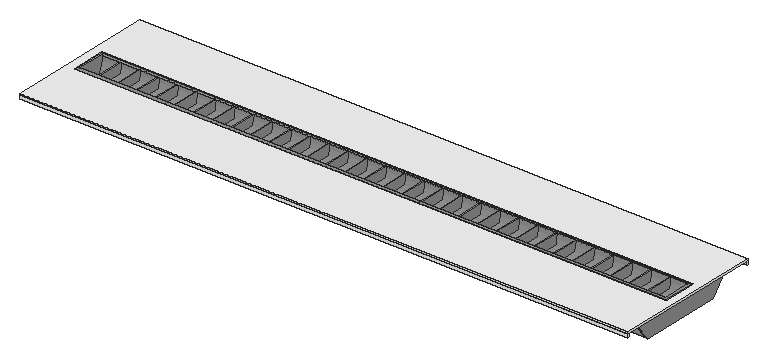
Revit family "0052233 Lighting Fixture_Sylvania_Rana LED 300x1200-Emergency 3hr-4000K_Ceiling Recessed", category Lighting Fixtures, host Face, Revit 2015
Parameters (values of type "RANA LED 1200 CM+P 1*LH E3 4K")
  Width = 294.0 mm
  Weight = 5.00 kg
  Wattage = 3.72826 W
  built-in parameter 1150110 = 1 (stored number, unit not read)
  Voltage Comments = "UNV (Universal Voltage; 220-240 Volt)"  # constant formula
  Voltage = 230 V  # constant formula
  URL = "http://www.feilosylvania.com/"
  built-in parameter 1114217 = 1 (stored number, unit not read)
  Tilt Angle = -90.00°
  built-in parameter 1150109 = 1 (stored number, unit not read)
  built-in parameter 1150134 = 12
  Ta Rating = "25°C"  # constant formula
  built-in parameter 1150113 = 1 (stored number, unit not read)
  Reflector Material = Steel_Sylvania_RanaLED_Silver
  Product Page URL = "http://www.feilosylvania.com/product/en-int/products/0052233"
  Product Family = "Rana LED 300x1200-Emergency 3hr-4000K Lamp"  # constant formula
  Photometry Comments = ""
  Photometric Web File = "0052233_RANALED1200CM+P1LHE34K-186226.ies"
  Louver Length = Length - 34.0 mm  # 1162.0 mm
  Life = "50 000h"  # constant formula
  Length = 1196.0 mm
  IP Rating = "20"  # constant formula
  IK Rating = "07"  # constant formula
  Height = 46.0 mm
  Energy Class = "A++, A+, A"  # constant formula
  built-in parameter 1114216 [instance] = 1 (stored number, unit not read)
  Model = "RANA LED 1200 CM+P 1*LH E3 4K"
  Manufacturer = "Feilo Sylvania"  # constant formula
  built-in parameter 1150105 = 193.46 (stored number, unit not read)
  Lumens = 343 lm
  built-in parameter 1150115 = 1 (stored number, unit not read)
  built-in parameter 1150137 = (empty or 0)
  built-in parameter 1150139 = (empty or 0)
  built-in parameter 1150112 = 1 (stored number, unit not read)
  built-in parameter 1150114 = 1 (stored number, unit not read)
  Lamp = "Integrated LED"  # constant formula
  built-in parameter 1150132 = 2
  built-in parameter 1150102 = (empty or 0)
  built-in parameter 1150107 = 4000 (stored number, unit not read)
  built-in parameter 1150138 = (empty or 0)
  built-in parameter 1150106 = 1.9346 (stored number, unit not read)
  Body Material = Aluminum_Sylvania_RanaLED_Silver
  Emit from Rectangle Width = 65.0 mm  # constant formula
  Emit from Rectangle Length = Louver Length  # 1162.0 mm
  Emit Shape Visible in Rendering = no
  built-in parameter 1150104 = 8.5471 (stored number, unit not read)
  Dimming Lamp Color Temperature Shift = <None>
  Description = "Provides perfect uniform light distribution greatly enhancing the lit space. Low profile for ease of installation in restricted ceiling voids. Two stage optic for optimum comfort and efficiency. UGR19 office compliant. Enclosed design reduces dust ingress and improves Lumen Maintenance Factor (LMF). 32W - 69W LED recessed luminaire. Rana LED is perfect for office lighting applications, schools, airports and general lighting applications. Available with a satin optic and micro prism diffuser. Available in recessed (600x600, 625x625, 312.5x1250 and 1200x300). Rana LED delivers high efficiency up to 6,050lm (luminaire lumen output on 4,000K version), equating to 101lm/W (total system efficiency). Available in warm white (3,000K) and neutral white (4,000K). Integrated LED solution that has the same aesthetics as a T5 or T8 diffuse luminaire. Energy efficient electronic gear including DALI and 3 hour emergency versions as standard. Long lifetime: 50,000 hours life at 70% of the original output L70. Less maintenance is required due to the long lifetime of 50,000hrs. Energy Class: A++, A+, A. LED technology provides an energy efficient solution with reduced maintenance costs. Comes complete with safety cable"  # constant formula
  Default Elevation = 0.0 mm
  Color Filter = 16777215
  Catalog Number = "0052233 RANA LED 1200 CM+P 1*LH E3 4K"
  built-in parameter 1140040 [instance] = 1
  built-in parameter 1114218 = 1 (stored number, unit not read)
  built-in parameter 1150133 = 10 (stored number, unit not read)
  Assembly Code = "D5020200"
  Apparent Load Comments = ""
  Apparent Load = 37 VA
  Accessory Material = Aluminum_Sylvania_RanaLED_White
Reference planes
  plane 1 "Center (Front/Back)": y = 0
  plane 2 "Fixture Bottom": z = 0
  plane 3 "Center (Left/Right)": x = 0
  plane 4 "Fixture Left": x = -598
  plane 5 "Fixture Right": x = 598
  plane 6 "Fixture Back": y = 147
  plane 7 "Fixture Front": y = -147
  plane 8: z = -3
  plane 9: y = 145
  plane 10: y = -145
  plane 11: x = -583
  plane 12: x = 583
  plane 13: x = -581
  plane 14: x = 581
  plane 15: z = -10
  plane 16 "Fixture Top": z = -46
  plane 17: z = -28
  plane 18: z = -44
  plane 19: y = 80
  plane 20: y = -80
  plane 21: y = 110
  plane 22: y = -110
  plane 23: y = 78
  plane 24: y = -78
  plane 25: y = 32.5
  plane 26: y = -32.5
Forms (mm)
  Extrusion 1, void
    sketch origin (0, 0, 60) x (-1, 0, 0) y (0, -1, 0)
      loop
        line (598, -147) -> (598, 147) -> (-598, 147) -> (-598, -147) -> (598, -147)
    from -564.935 to 250
  Extrusion 2, solid, material "Aluminum_Sylvania_RanaLED_White" <- "Accessory Material", detail levels fine
    sketch origin (0, 0, 60) x (-1, 0, 0) y (0, -1, 0)
      loop
        line (598, -147) -> (598, 147) -> (-598, 147) -> (-598, -147) -> (598, -147)
      loop
        line (581, -32.5) -> (581, 32.5) -> (-581, 32.5) -> (-581, -32.5) -> (581, -32.5)
    from -63 to -60
  Extrusion 3, solid, material "Aluminum_Sylvania_RanaLED_Silver" <- "Body Material"
    sketch origin (-345, 0, 0) x (0, 1, 0) y (0, 0, 1)
      loop
        line (110, -3) -> (-110, -3) -> (-110, -10) -> (-80, -46) -> (80, -46) -> (110, -10) -> (110, -3)
    from -238 to -236
  Extrusion 4, solid, material "Aluminum_Sylvania_RanaLED_White" <- "Accessory Material"
    sketch origin (0, 0, 60) x (-1, 0, 0) y (0, -1, 0)
      loop
        line (598, -147) -> (598, -145) -> (-598, -145) -> (-598, -147) -> (598, -147)
      loop
        line (-598, 145) -> (598, 145) -> (598, 147) -> (-598, 147) -> (-598, 145)
    from -70 to -63
  Extrusion 5, solid, material "Aluminum_Sylvania_RanaLED_Silver" <- "Body Material", detail levels fine
    sketch origin (0, 0, 0) x (0, 1, 0) y (0, 0, 1)
      loop
        line (80, -3) -> (78, -3) -> (78, -44) -> (-78, -44) -> (-78, -3) -> (-80, -3) -> (-80, -46) -> (80, -46) -> (80, -3)
    from -581 to 581
  Extrusion 6, solid, material "Aluminum_Sylvania_RanaLED_White" <- "Accessory Material", detail levels coarse+medium
    sketch origin (0, 0, 60) x (-1, 0, 0) y (0, -1, 0)
      loop
        line (598, -147) -> (598, 147) -> (-598, 147) -> (-598, -147) -> (598, -147)
    from -63 to -60
  Extrusion 7, solid, material "Aluminum_Sylvania_RanaLED_Silver" <- "Body Material"
    sketch origin (135, 0, 0) x (0, 1, 0) y (0, 0, 1)
      loop
        line (110, -3) -> (-110, -3) -> (-110, -10) -> (-80, -46) -> (80, -46) -> (110, -10) -> (110, -3)
    from 446 to 448
  Extrusion 8, solid, detail levels coarse+medium
    sketch origin (0, 0, 0) x (0, 1, 0) y (0, 0, 1)
      loop
        line (80, -3) -> (-80, -3) -> (-80, -46) -> (80, -46) -> (80, -3)
    from -581 to 581
Dimensions and locks
  equal spacing: plane 4 "Fixture Left", plane 3 "Center (Left/Right)", plane 5 "Fixture Right"
  "Length": plane 4 "Fixture Left" to plane 5 "Fixture Right"
  equal spacing: plane 6 "Fixture Back", plane 1 "Center (Front/Back)", plane 7 "Fixture Front"
  "Width": plane 6 "Fixture Back" to plane 7 "Fixture Front"
  locked: plane 6 "Fixture Back" to plane 9 at 2
  locked: plane 7 "Fixture Front" to plane 10 at 2
  locked: plane 4 "Fixture Left" to plane 11 at 15
  locked: plane 12 to plane 5 "Fixture Right" at 15
  locked: plane 11 to plane 13 at 2
  locked: plane 14 to plane 12 at 2
  "Height": plane 2 "Fixture Bottom" to plane 16 "Fixture Top"
  plane 2 "Fixture Bottom" to plane 17 = 28.0 mm
  plane 2 "Fixture Bottom" to plane 8 = 3.0 mm
  plane 2 "Fixture Bottom" to plane 15 = 10.0 mm
  locked: plane 18 to plane 16 "Fixture Top" at 2
  plane 13 to plane 14 = 1162.0 mm
  locked: plane 6 "Fixture Back" to plane 21 at 37
  locked: plane 22 to plane 7 "Fixture Front" at 37
  locked: plane 19 to plane 1 "Center (Front/Back)" at 80
  locked: plane 20 to plane 1 "Center (Front/Back)" at 80
  locked: plane 1 "Center (Front/Back)" to plane 25 at 32.5
  locked: plane 26 to plane 1 "Center (Front/Back)" at 32.5
  locked: plane 19 to plane 23 at 2
  locked: plane 20 to plane 24 at 2
  aligned and locked: plane 2 "Fixture Bottom" to host face
  aligned and locked: level to host face
  aligned and locked: Extrusion 1 sketch curve to plane 6 "Fixture Back"
  aligned and locked: plane 4 "Fixture Left" to Extrusion 1 sketch curve
  aligned and locked: Extrusion 1 sketch curve to plane 7 "Fixture Front"
  aligned and locked: plane 5 "Fixture Right" to Extrusion 1 sketch curve
  aligned and locked: plane 5 "Fixture Right" to Extrusion 2 sketch curve
  aligned and locked: Extrusion 2 sketch curve to plane 7 "Fixture Front"
  aligned and locked: plane 4 "Fixture Left" to Extrusion 2 sketch curve
  aligned and locked: Extrusion 2 sketch curve to plane 6 "Fixture Back"
  aligned and locked: plane 2 "Fixture Bottom" to Extrusion 2
  aligned and locked: Extrusion 2 to plane 8
  aligned and locked: Extrusion 3 to plane 11
  aligned and locked: plane 13 to Extrusion 3
  aligned and locked: Extrusion 4 sketch curve to plane 6 "Fixture Back"
  aligned and locked: plane 9 to Extrusion 4 sketch curve
  aligned and locked: plane 10 to Extrusion 4 sketch curve
  aligned and locked: Extrusion 5 sketch curve to plane 16 "Fixture Top"
  aligned and locked: Extrusion 5 sketch curve to plane 18
  aligned and locked: Extrusion 5 sketch curve to plane 8  (x2)
  aligned and locked: Extrusion 5 to plane 13
  aligned and locked: Extrusion 5 to plane 14
  aligned and locked: nested 1 to plane 2 "Fixture Bottom"
  aligned and locked: plane 3 "Center (Left/Right)" to imposter light
  aligned and locked: imposter light to plane 1 "Center (Front/Back)"
  aligned and locked: plane 2 "Fixture Bottom" to imposter light
  aligned and locked: Extrusion 6 sketch curve to plane 6 "Fixture Back"
  aligned and locked: plane 5 "Fixture Right" to Extrusion 6 sketch curve
  aligned and locked: Extrusion 6 sketch curve to plane 7 "Fixture Front"
  aligned and locked: plane 4 "Fixture Left" to Extrusion 6 sketch curve
  aligned and locked: Extrusion 6 to plane 8
  aligned and locked: plane 2 "Fixture Bottom" to Extrusion 6
  aligned and locked: plane 19 to Extrusion 3 sketch curve
  aligned and locked: plane 20 to Extrusion 3 sketch curve
  aligned and locked: Extrusion 3 sketch curve to plane 16 "Fixture Top"
  aligned and locked: plane 15 to Extrusion 3 sketch curve  (x2)
  aligned and locked: Extrusion 3 sketch curve to plane 21
  aligned and locked: plane 22 to Extrusion 3 sketch curve
  aligned and locked: plane 12 to Extrusion 7
  aligned and locked: plane 14 to Extrusion 7
  aligned and locked: plane 24 to Extrusion 5 sketch curve
  aligned and locked: plane 20 to Extrusion 5 sketch curve
  aligned and locked: plane 23 to Extrusion 5 sketch curve
  aligned and locked: plane 19 to Extrusion 5 sketch curve
  aligned and locked: Extrusion 4 to plane 4 "Fixture Left"
  aligned and locked: plane 4 "Fixture Left" to Extrusion 4 sketch curve
  aligned and locked: plane 5 "Fixture Right" to Extrusion 4 sketch curve
  aligned and locked: Extrusion 4 sketch curve to plane 5 "Fixture Right"
  aligned and locked: Extrusion 4 sketch curve to plane 4 "Fixture Left"
  aligned and locked: plane 1 "Center (Front/Back)" to nested 1
  aligned and locked: plane 14 to Extrusion 2 sketch curve
  aligned and locked: plane 13 to Extrusion 2 sketch curve
  aligned and locked: Extrusion 2 sketch curve to plane 25
  aligned and locked: Extrusion 2 sketch curve to plane 26
  aligned and locked: Extrusion 8 sketch curve to Extrusion 5  (x3)
  aligned and locked: Extrusion 8 sketch curve to Extrusion 3
  aligned and locked: Extrusion 8 to plane 13
  aligned and locked: Extrusion 8 to plane 14
Automatic sketch dimensions
  host sketch curve to host sketch curve = 1461.012 mm
  host sketch curve to host sketch curve = 1283.632 mm
  Extrusion 3 sketch curve to plane 8 = 0.0 mm
  plane 7 "Fixture Front" to Extrusion 4 sketch curve = 0.0 mm
  Extrusion 7 sketch curve to plane 8 = 0.0 mm
  Extrusion 7 sketch curve to plane 22 = 0.0 mm
  Extrusion 7 sketch curve to plane 16 "Fixture Top" = 0.0 mm
  Extrusion 7 sketch curve to plane 20 = 0.0 mm
  Extrusion 7 sketch curve to plane 19 = 0.0 mm
  Extrusion 7 sketch curve to plane 21 = 0.0 mm
  plane 15 to Extrusion 7 sketch curve = 0.0 mm  (x2)
Nested families
  nested 1: "Reflector Rana LED" at (0, 0, -40) x (0, 1, 0) z (0, 0, 1), type "Type", detail levels fine
    with Length 1162.0 mm, Lamella Number 30
Connectors
  electrical at (0, 0, -46), driven by "Voltage", driven by "Apparent Load"
    settings: on Extrusion 5, index 1, voltage 230 V, apparent load 0 VA, apparent load phase1 37 VA, apparent load phase2 0 VA, apparent load phase3 0 VA, power factor 1, load classification "Lighting", number of poles 1, system type 31, power factor state 1, is connector primary yes, connector utility no, sub classification motor no, connector description ""
Definition of nested family "Reflector Rana LED"
  Parameters
    Length = 558.0 mm
    Lamella Number = Length / 39.0 mm  # 14
    Height = 40.0 mm
    Width = 65.0 mm
    Default Elevation = 0.0 mm
    Reflector Material = none
  Reference planes
    plane 1 "Center (Front/Back)": y = 0
    plane 2: z = 0
    plane 3 "Center (Left/Right)": x = 0
    plane 4: x = 32.5
    plane 5: x = -32.5
    plane 6: z = 40
    plane 7: x = -27.5
    plane 8: x = 27.5
    plane 9: z = 3
    plane 10: x = -15
    plane 11: x = 15
    plane 12: y = 279
    plane 13: y = -279
    plane 14: y = 239
    plane 15: y = -239
    plane 16: y = 274
    plane 17: y = -274
    plane 18: z = 20
    plane 19: z = 38.5
  Forms (mm)
    Extrusion 1, solid, material <- "Reflector Material"
      sketch origin (0, 0, 0) x (1, 0, 0) y (0, 0, 1)
        loop
          line (-27.5, 40) -> (-32.5, 40) -> (-32.5, 0) -> (32.5, 0) -> (32.5, 40) -> (27.5, 40)
          arc (27.5, 40) -> (24.712, 20.33) -> (15, 3) r 54
          line (15, 3) -> (-15, 3)
          arc (-15, 3) -> (-24.712, 20.33) -> (-27.5, 40) r 54
      from -279 to 279
    Extrusion 2, solid, material <- "Reflector Material"
      sketch origin (0, 0, 0) x (1, 0, 0) y (0, 0, 1)
        loop
          line (32.5, 40) -> (-32.5, 40) -> (-32.5, 0) -> (32.5, 0) -> (32.5, 40)
      from 274 to 279
    Extrusion 3, solid, material <- "Reflector Material"
      sketch origin (0, 0, 0) x (1, 0, 0) y (0, 0, -1)
        loop
          line (32.5, -40) -> (32.5, 0) -> (-32.5, 0) -> (-32.5, -40) -> (32.5, -40)
      from 274 to 279
    Extrusion 4, solid, material <- "Reflector Material"
      sketch origin (0, -1, 0) x (1, 0, 0) y (0, 0, 1)
        loop
          line (-24.599, 20) -> (24.599, 20)
          arc (24.599, 20) -> (26.881, 29.121) -> (27.545, 38.5) r 54
          line (27.545, 38.5) -> (-27.545, 38.5)
          arc (-27.545, 38.5) -> (-26.881, 29.121) -> (-24.599, 20) r 54
      from -240 to -238
    Extrusion 5, solid, material <- "Reflector Material"
      sketch origin (0, -477, 0) x (1, 0, 0) y (0, 0, 1)
        loop
          line (-24.599, 20) -> (24.599, 20)
          arc (24.599, 20) -> (26.881, 29.121) -> (27.545, 38.5) r 54
          line (27.545, 38.5) -> (-27.545, 38.5)
          arc (-27.545, 38.5) -> (-26.881, 29.121) -> (-24.599, 20) r 54
      from -240 to -238
    Extrusion 6, solid, material <- "Reflector Material"
      sketch origin (0, -37.615, 0) x (1, 0, 0) y (0, 0, 1)
        loop
          line (-24.599, 20) -> (24.599, 20)
          arc (24.599, 20) -> (26.881, 29.121) -> (27.545, 38.5) r 54
          line (27.545, 38.5) -> (-27.545, 38.5)
          arc (-27.545, 38.5) -> (-26.881, 29.121) -> (-24.599, 20) r 54
      from -240 to -238
    Extrusion 7, solid, material <- "Reflector Material"
      sketch origin (0, -74.231, 0) x (1, 0, 0) y (0, 0, 1)
        loop
          line (-24.599, 20) -> (24.599, 20)
          arc (24.599, 20) -> (26.881, 29.121) -> (27.545, 38.5) r 54
          line (27.545, 38.5) -> (-27.545, 38.5)
          arc (-27.545, 38.5) -> (-26.881, 29.121) -> (-24.599, 20) r 54
      from -240 to -238
    Extrusion 8, solid, material <- "Reflector Material"
      sketch origin (0, -110.846, 0) x (1, 0, 0) y (0, 0, 1)
        loop
          line (-24.599, 20) -> (24.599, 20)
          arc (24.599, 20) -> (26.881, 29.121) -> (27.545, 38.5) r 54
          line (27.545, 38.5) -> (-27.545, 38.5)
          arc (-27.545, 38.5) -> (-26.881, 29.121) -> (-24.599, 20) r 54
      from -240 to -238
    Extrusion 9, solid, material <- "Reflector Material"
      sketch origin (0, -147.462, 0) x (1, 0, 0) y (0, 0, 1)
        loop
          line (-24.599, 20) -> (24.599, 20)
          arc (24.599, 20) -> (26.881, 29.121) -> (27.545, 38.5) r 54
          line (27.545, 38.5) -> (-27.545, 38.5)
          arc (-27.545, 38.5) -> (-26.881, 29.121) -> (-24.599, 20) r 54
      from -240 to -238
    Extrusion 10, solid, material <- "Reflector Material"
      sketch origin (0, -184.077, 0) x (1, 0, 0) y (0, 0, 1)
        loop
          line (-24.599, 20) -> (24.599, 20)
          arc (24.599, 20) -> (26.881, 29.121) -> (27.545, 38.5) r 54
          line (27.545, 38.5) -> (-27.545, 38.5)
          arc (-27.545, 38.5) -> (-26.881, 29.121) -> (-24.599, 20) r 54
      from -240 to -238
    Extrusion 11, solid, material <- "Reflector Material"
      sketch origin (0, -220.692, 0) x (1, 0, 0) y (0, 0, 1)
        loop
          line (-24.599, 20) -> (24.599, 20)
          arc (24.599, 20) -> (26.881, 29.121) -> (27.545, 38.5) r 54
          line (27.545, 38.5) -> (-27.545, 38.5)
          arc (-27.545, 38.5) -> (-26.881, 29.121) -> (-24.599, 20) r 54
      from -240 to -238
    Extrusion 12, solid, material <- "Reflector Material"
      sketch origin (0, -257.308, 0) x (1, 0, 0) y (0, 0, 1)
        loop
          line (-24.599, 20) -> (24.599, 20)
          arc (24.599, 20) -> (26.881, 29.121) -> (27.545, 38.5) r 54
          line (27.545, 38.5) -> (-27.545, 38.5)
          arc (-27.545, 38.5) -> (-26.881, 29.121) -> (-24.599, 20) r 54
      from -240 to -238
    Extrusion 13, solid, material <- "Reflector Material"
      sketch origin (0, -293.923, 0) x (1, 0, 0) y (0, 0, 1)
        loop
          line (-24.599, 20) -> (24.599, 20)
          arc (24.599, 20) -> (26.881, 29.121) -> (27.545, 38.5) r 54
          line (27.545, 38.5) -> (-27.545, 38.5)
          arc (-27.545, 38.5) -> (-26.881, 29.121) -> (-24.599, 20) r 54
      from -240 to -238
    Extrusion 14, solid, material <- "Reflector Material"
      sketch origin (0, -330.538, 0) x (1, 0, 0) y (0, 0, 1)
        loop
          line (-24.599, 20) -> (24.599, 20)
          arc (24.599, 20) -> (26.881, 29.121) -> (27.545, 38.5) r 54
          line (27.545, 38.5) -> (-27.545, 38.5)
          arc (-27.545, 38.5) -> (-26.881, 29.121) -> (-24.599, 20) r 54
      from -240 to -238
    Extrusion 15, solid, material <- "Reflector Material"
      sketch origin (0, -367.154, 0) x (1, 0, 0) y (0, 0, 1)
        loop
          line (-24.599, 20) -> (24.599, 20)
          arc (24.599, 20) -> (26.881, 29.121) -> (27.545, 38.5) r 54
          line (27.545, 38.5) -> (-27.545, 38.5)
          arc (-27.545, 38.5) -> (-26.881, 29.121) -> (-24.599, 20) r 54
      from -240 to -238
    Extrusion 16, solid, material <- "Reflector Material"
      sketch origin (0, -403.769, 0) x (1, 0, 0) y (0, 0, 1)
        loop
          line (-24.599, 20) -> (24.599, 20)
          arc (24.599, 20) -> (26.881, 29.121) -> (27.545, 38.5) r 54
          line (27.545, 38.5) -> (-27.545, 38.5)
          arc (-27.545, 38.5) -> (-26.881, 29.121) -> (-24.599, 20) r 54
      from -240 to -238
    Extrusion 17, solid, material <- "Reflector Material"
      sketch origin (0, -440.385, 0) x (1, 0, 0) y (0, 0, 1)
        loop
          line (-24.599, 20) -> (24.599, 20)
          arc (24.599, 20) -> (26.881, 29.121) -> (27.545, 38.5) r 54
          line (27.545, 38.5) -> (-27.545, 38.5)
          arc (-27.545, 38.5) -> (-26.881, 29.121) -> (-24.599, 20) r 54
      from -240 to -238
  Cuts and joins
    joined: Extrusion 1, Extrusion 2, Extrusion 3
  Dimensions and locks
    equal spacing: plane 4, plane 3 "Center (Left/Right)", plane 5
    "Width": plane 5 to plane 4
    "Height": plane 6 to level
    locked: plane 7 to plane 5 at 5
    locked: plane 8 to plane 4 at 5
    locked: plane 5 to plane 10 at 17.5
    locked: plane 4 to plane 11 at 17.5
    equal spacing: plane 13, plane 1 "Center (Front/Back)", plane 12
    "Length": plane 12 to plane 13
    locked: plane 12 to plane 14 at 40
    locked: plane 15 to plane 13 at 40
    locked: plane 17 to plane 13 at 5
    locked: plane 12 to plane 16 at 5
    equal spacing: group 1, group 3, group 4, group 5, group 6, group 7, group 8, group 9, group 10, group 11, group 12, group 13, group 14, group 2  (x2)
    equal spacing: group 2, group 14, group 13, group 12, group 11, group 10, group 9, group 8, group 7, group 6, group 5, group 4, group 3, group 1
    locked: plane 6 to plane 19 at 1.5
    locked: plane 6 to plane 18 at 20
    locked: plane 6 to plane 9 at 37
    aligned and locked: level to plane 2
    aligned and locked: plane 10 to Extrusion 1 sketch curve
    aligned and locked: plane 6 to Extrusion 1 sketch curve
    aligned and locked: plane 7 to Extrusion 1 sketch curve
    aligned and locked: plane 8 to Extrusion 1 sketch curve
    aligned and locked: plane 9 to Extrusion 1 sketch curve  (x2)
    aligned and locked: plane 11 to Extrusion 1 sketch curve
    aligned and locked: Extrusion 1 sketch curve to plane 5
    aligned and locked: plane 2 to Extrusion 1 sketch curve
    aligned and locked: Extrusion 1 sketch curve to plane 4
    aligned and locked: Extrusion 1 sketch curve to plane 6  (x2)
    aligned and locked: plane 12 to Extrusion 1
    aligned and locked: Extrusion 1 to plane 13
    aligned and locked: Extrusion 2 sketch curve to Extrusion 1  (x4)
    aligned and locked: Extrusion 2 to plane 13
    aligned and locked: Extrusion 2 to plane 17
    aligned and locked: plane 12 to Extrusion 3
    aligned and locked: Extrusion 3 to plane 16
    aligned and locked: Extrusion 4 to plane 14
    aligned and locked: Extrusion 5 to plane 15
    aligned and locked: plane 14 to Extrusion 4
    aligned and locked: Extrusion 4 to plane 18
    aligned and locked: plane 19 to Extrusion 4
    aligned and locked: plane 19 to Extrusion 5
    aligned and locked: Extrusion 5 to plane 18
  Automatic sketch dimensions
    Extrusion 1 sketch curve to plane 19 = 0.886 mm  (x2)
    plane 5 to Extrusion 3 sketch curve = 0.0 mm
    Extrusion 3 sketch curve to level = 0.0 mm
    Extrusion 3 sketch curve to plane 4 = 0.0 mm
    Extrusion 3 sketch curve to plane 6 = 0.0 mm
    Extrusion 4 sketch curve to Extrusion 4 sketch curve = 2.946 mm  (x2)
    Extrusion 4 sketch curve to Extrusion 4 sketch curve = 49.199 mm
    Extrusion 4 sketch curve to Extrusion 4 sketch curve = 1.098 mm  (x2)
    Extrusion 4 sketch curve to Extrusion 4 sketch curve = 18.5 mm
    Extrusion 5 sketch curve to Extrusion 5 sketch curve = 2.946 mm  (x2)
    Extrusion 5 sketch curve to Extrusion 5 sketch curve = 49.199 mm
    Extrusion 5 sketch curve to Extrusion 5 sketch curve = 1.098 mm  (x2)
    Extrusion 5 sketch curve to Extrusion 5 sketch curve = 18.5 mm
    Extrusion 6 sketch curve to Extrusion 6 sketch curve = 2.946 mm  (x2)
    Extrusion 6 sketch curve to Extrusion 6 sketch curve = 49.199 mm
    Extrusion 6 sketch curve to Extrusion 6 sketch curve = 1.098 mm  (x2)
    Extrusion 6 sketch curve to Extrusion 6 sketch curve = 18.5 mm
    Extrusion 7 sketch curve to Extrusion 7 sketch curve = 2.946 mm  (x2)
    Extrusion 7 sketch curve to Extrusion 7 sketch curve = 49.199 mm
    Extrusion 7 sketch curve to Extrusion 7 sketch curve = 1.098 mm  (x2)
    Extrusion 7 sketch curve to Extrusion 7 sketch curve = 18.5 mm
    Extrusion 8 sketch curve to Extrusion 8 sketch curve = 2.946 mm  (x2)
    Extrusion 8 sketch curve to Extrusion 8 sketch curve = 49.199 mm
    Extrusion 8 sketch curve to Extrusion 8 sketch curve = 1.098 mm  (x2)
    Extrusion 8 sketch curve to Extrusion 8 sketch curve = 18.5 mm
    Extrusion 9 sketch curve to Extrusion 9 sketch curve = 2.946 mm  (x2)
    Extrusion 9 sketch curve to Extrusion 9 sketch curve = 49.199 mm
    Extrusion 9 sketch curve to Extrusion 9 sketch curve = 1.098 mm  (x2)
    Extrusion 9 sketch curve to Extrusion 9 sketch curve = 18.5 mm
    Extrusion 10 sketch curve to Extrusion 10 sketch curve = 2.946 mm  (x2)
    Extrusion 10 sketch curve to Extrusion 10 sketch curve = 49.199 mm
    Extrusion 10 sketch curve to Extrusion 10 sketch curve = 1.098 mm  (x2)
    Extrusion 10 sketch curve to Extrusion 10 sketch curve = 18.5 mm
    Extrusion 11 sketch curve to Extrusion 11 sketch curve = 2.946 mm  (x2)
    Extrusion 11 sketch curve to Extrusion 11 sketch curve = 49.199 mm
    Extrusion 11 sketch curve to Extrusion 11 sketch curve = 1.098 mm  (x2)
    Extrusion 11 sketch curve to Extrusion 11 sketch curve = 18.5 mm
    Extrusion 12 sketch curve to Extrusion 12 sketch curve = 2.946 mm  (x2)
    Extrusion 12 sketch curve to Extrusion 12 sketch curve = 49.199 mm
    Extrusion 12 sketch curve to Extrusion 12 sketch curve = 1.098 mm  (x2)
    Extrusion 12 sketch curve to Extrusion 12 sketch curve = 18.5 mm
    Extrusion 13 sketch curve to Extrusion 13 sketch curve = 2.946 mm  (x2)
    Extrusion 13 sketch curve to Extrusion 13 sketch curve = 49.199 mm
    Extrusion 13 sketch curve to Extrusion 13 sketch curve = 1.098 mm  (x2)
    Extrusion 13 sketch curve to Extrusion 13 sketch curve = 18.5 mm
    Extrusion 14 sketch curve to Extrusion 14 sketch curve = 2.946 mm  (x2)
    Extrusion 14 sketch curve to Extrusion 14 sketch curve = 49.199 mm
    Extrusion 14 sketch curve to Extrusion 14 sketch curve = 1.098 mm  (x2)
    Extrusion 14 sketch curve to Extrusion 14 sketch curve = 18.5 mm
    Extrusion 15 sketch curve to Extrusion 15 sketch curve = 2.946 mm  (x2)
    Extrusion 15 sketch curve to Extrusion 15 sketch curve = 49.199 mm
    Extrusion 15 sketch curve to Extrusion 15 sketch curve = 1.098 mm  (x2)
    Extrusion 15 sketch curve to Extrusion 15 sketch curve = 18.5 mm
    Extrusion 16 sketch curve to Extrusion 16 sketch curve = 2.946 mm  (x2)
    Extrusion 16 sketch curve to Extrusion 16 sketch curve = 49.199 mm
    Extrusion 16 sketch curve to Extrusion 16 sketch curve = 1.098 mm  (x2)
    Extrusion 16 sketch curve to Extrusion 16 sketch curve = 18.5 mm
    Extrusion 17 sketch curve to Extrusion 17 sketch curve = 2.946 mm  (x2)
    Extrusion 17 sketch curve to Extrusion 17 sketch curve = 49.199 mm
    Extrusion 17 sketch curve to Extrusion 17 sketch curve = 1.098 mm  (x2)
    Extrusion 17 sketch curve to Extrusion 17 sketch curve = 18.5 mm
